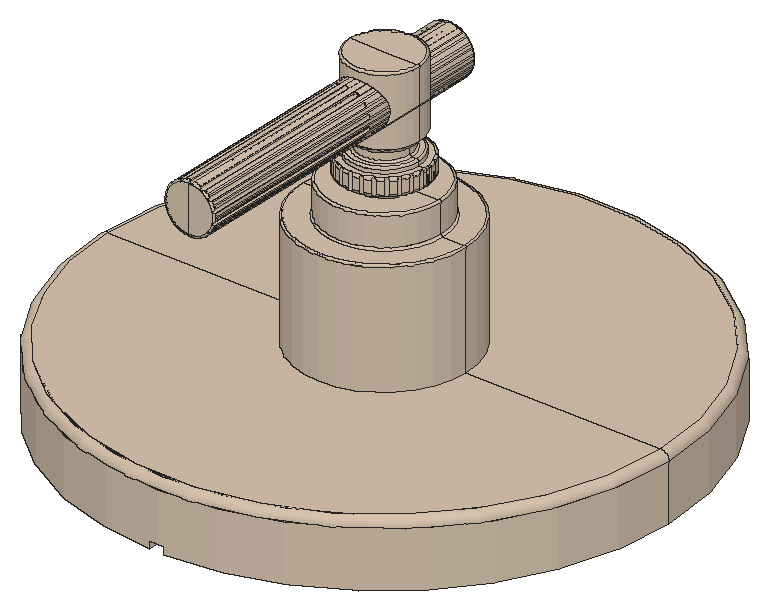
Revit family "Shower-Valve_Trim-KALLISTA-Central_Park_West-P21383", category Specialty Equipment, host Face, Revit 2021
Family settings
  Host = Face
  Round Connector Dimension = Use Diameter
  Part Type = Normal
  OmniClass Number = 23.31.25.00
  OmniClass Title = Toilet and Bath Specialties
  Cut with Voids When Loaded = No
  Shared = No
  Room Calculation Point = No
Parameters (values of type "BAF-Brushed French Gold")
  Width = 6 65/256"  # constant formula
  WaterSense Certified = 1 = 0  # no
  URL = "https://www.kallista.com/"
  Type = 1
  Product Page URL = "https://www.kallista.com/bathroom/showering/shower-trim/central-park-west-thermostatic-trim-lever-handle-p21383-lv-baf"
  Product Name = "CENTRAL PARK WEST"  # constant formula
  Product Documentation Link = "https://resources.kohler.com/interiors/kallista/pdf/1377368-4.pdf"
  Model = if(Type = 1, "P21383-LV-BAF", if(Type = 2, "P21383-LV-BV", if(Type = 3, "P21383-LV-BN", if(Type = 4, "P21383-LV-CP", if(Type = 5, "P21383-LV-SN", if(Type = 6, "P21383-LV-ULB", "NA"))))))  # "P21383-LV-BAF"
  Material = "Premium Metal Construction"  # constant formula
  Master Format 2014 Name = "Toilet, Bath, and Laundry Accessories"  # constant formula
  Master Format 2014 = "10 28 00"  # constant formula
  Manufacturer Address = "444 Highland Dr, Kohler, WI 53044"  # constant formula
  Manufacturer = "Kallista Co."  # constant formula
  Length = 3.55118"  # constant formula
  Height = 6.25197"  # constant formula
  Handle Clearance = 2.67717"  # constant formula
  Finish = Kallista-Metal-BAF-Brushed_French_Gold
  Environmental Product Declaration = ""
  Description = "THERMOSTATIC TRIM, LEVER HANDLE"  # constant formula
  Default Elevation = 42"
  Declare Label = ""
  Date Modified = "11/03/2022"  # constant formula
  Date Created = "11/03/2022"  # constant formula
  Copyright = "Copyright Kallista Co."  # constant formula
  Contact Us = "https://www.kallista.com/corporate/contact-us/"
  Assembly Code = "C1030200"
  ADA Compliant = 1 = 1  # yes
Types (7): name | Type | Product Page URL | Model | Finish
  (no name) | 1 | "https://www.kallista.com/bathroom/showering/shower-trim/central-park-west-thermostatic-trim-lever-handle-p21383-lv-baf" | "P21383-LV-BAF" | Kallista-Metal-BAF-Brushed_French_Gold
  BAF-Brushed French Gold | 1 | "https://www.kallista.com/bathroom/showering/shower-trim/central-park-west-thermostatic-trim-lever-handle-p21383-lv-baf" | "P21383-LV-BAF" | Kallista-Metal-BAF-Brushed_French_Gold
  BV-Brushed Bronze | 2 | "https://www.kallista.com/bathroom/showering/shower-trim/central-park-west-thermostatic-trim-lever-handle-p21383-lv-bv" | "P21383-LV-BV" | Kallista-Metal-BV-Brushed_Bronze
  BN-Brushed Nickel | 3 | "" | "P21383-LV-BN" | Kallista-Metal-BN-Brushed_Nickel
  CP-Chrome | 4 | "https://www.kallista.com/bathroom/showering/shower-trim/central-park-west-thermostatic-trim-lever-handle-p21383-lv-cp" | "P21383-LV-CP" | Kallista-Metal-CP-Chrome
  SN-Polished Nickel | 5 | "https://www.kallista.com/bathroom/showering/shower-trim/central-park-west-thermostatic-trim-lever-handle-p21383-lv-sn" | "P21383-LV-SN" | Kallista-Metal-SN-Polished_Nickel
  ULB-Unlaquered Brass | 6 | "https://www.kallista.com/bathroom/showering/shower-trim/central-park-west-thermostatic-trim-lever-handle-p21383-lv-ulb" | "P21383-LV-ULB" | Kallista-Metal-ULB-Unlaquered_Brass
Reference planes (in)
  plane 1 "Center (Front/Back)": y = 0
  plane 2: z = 0
  plane 3 "Center (Left/Right)": x = 0
  plane 4: y = 3.12598
  plane 5: y = -0.4252
  plane 6: x = 3.12598
  plane 7: x = 3.12598
  plane 8: x = 0.89999
  plane 9: x = -0.89999
  plane 10: z = 3.55118
  plane 11: z = 3.1756
  plane 12: y = 0.90551
  plane 13: y = -2.67717
  plane 14: y = -3.12598
  plane 15: x = -3.12792
Dimensions and locks (in)
  "Handle Clearance": plane 1 "Center (Front/Back)" to plane 13
  "Width": plane 15 to plane 7
  "Height": plane 14 to plane 4
  "Length": level to plane 10
  aligned and locked: plane 2 to host face
  aligned and locked: level to host face
Automatic sketch dimensions
  host sketch curve to host sketch curve = 96"  (x2)
Nested families (in)
  nested 1: "P21383" at (0, 0, 0), type "P21383"
Definition of nested family "P21383"
  Parameters (values of type "P21383")
    Material = none
    Default Elevation = 0"
  Reference planes (in)
    plane 1 "Center (Front/Back)": y = 0
    plane 2: z = 0
    plane 3 "Center (Left/Right)": x = 0
    plane 4: z = 3.55118
    plane 5: x = -0.89999
    plane 6: x = 0.89999
    plane 7: x = -3.12598
    plane 8: x = 3.12598
    plane 9: z = 1.9495
    plane 10: z = 0.70079
    plane 11: y = -2.67717
    plane 12: y = 0.90551
    plane 13: z = 3.45119
    plane 14: z = 2.90016
    plane 15: z = 3.1756
    plane 16: y = 3.12598
    plane 17: y = -3.12598
  Forms (in)
    Revolve 1, solid, material <- "Material", detail levels medium+fine
      sketch origin (0, 0, 0) x (1, 0, 0) y (0, 0, 1)
        loop
          line (0, 0) -> (3.125, 0) -> (3.125, 0.61087)
          arc (3.125, 0.61087) -> (3.09841, 0.67507) -> (3.03421, 0.70166) r 0.09079
          line (3.03421, 0.70166) -> (0.89996, 0.70166) -> (0.89996, 1.9297)
          arc (0.89996, 1.9297) -> (0.89416, 1.94372) -> (0.88014, 1.94952) r 0.01982
          line (0.88014, 1.94952) -> (0.64063, 1.94952)
          arc (0.64063, 1.94952) -> (0.62671, 1.95529) -> (0.62094, 1.96921) r 0.01969
          line (0.62094, 1.96921) -> (0.62094, 2.27952)
          arc (0.62094, 2.27952) -> (0.61517, 2.29344) -> (0.60125, 2.29921) r 0.01969
          line (0.60125, 2.29921) -> (0.31508, 2.29921) -> (0.28392, 2.3172) -> (0.35786, 2.3172)
          arc (0.35786, 2.3172) -> (0.37178, 2.32297) -> (0.37754, 2.33689) r 0.01969
          line (0.37754, 2.33689) -> (0.37754, 2.37761) -> (0.44212, 2.37761)
          arc (0.44212, 2.37761) -> (0.45604, 2.38337) -> (0.46181, 2.39729) r 0.01969
          line (0.46181, 2.39729) -> (0.46181, 2.53756)
          arc (0.46181, 2.53756) -> (0.45604, 2.55148) -> (0.44212, 2.55724) r 0.01969
          line (0.44212, 2.55724) -> (0.37623, 2.55724) -> (0.37623, 2.59773)
          arc (0.37623, 2.59773) -> (0.37009, 2.6118) -> (0.3559, 2.61741) r 0.01969
          line (0.3559, 2.61741) -> (0.29853, 2.61741)
          arc (0.29853, 2.61741) -> (0.28461, 2.62318) -> (0.27884, 2.63709) r 0.01969
          line (0.27884, 2.63709) -> (0.27884, 2.74457) -> (0.31763, 2.74457)
          arc (0.31763, 2.74457) -> (0.33155, 2.75034) -> (0.33731, 2.76426) r 0.01969
          line (0.33731, 2.76426) -> (0.33731, 2.80412) -> (0.38716, 2.80412) -> (0.38716, 3.53157)
          arc (0.38716, 3.53157) -> (0.38142, 3.54544) -> (0.36756, 3.55118) r 0.01961
          line (0.36756, 3.55118) -> (0, 3.55118) -> (0, 0)
        axis (0, 0) -> (0, 3.55118)
      angle from 0 to 360
    Extrusion 2, void
      sketch origin (-0.00032, -0.00306, 0) x (0.104528, 0.994522, 0) y (-0.994522, 0.104528, 0)
        loop
          arc (0.46308, 0.06909) -> (0.44472, 0.04642) -> (0.46739, 0.02806) r 0.02063
          line (0.46739, 0.02806) -> (0.50272, 0.03177) -> (0.4984, 0.07281) -> (0.46308, 0.06909)
      from 2.29921 to 2.61741
    Extrusion 3, void
      sketch origin (0, 0, 0) x (1, 0, 0) y (0, 0, 1)
        loop
          line (-0.08, 0) -> (0.07937, 0) -> (0.07937, 0.08012) -> (-0.08, 0.08012) -> (-0.08, 0)
      from 2.95502 to 3.28853
    Revolve 4, solid, material <- "Material", detail levels medium+fine
      sketch origin (0, 0, 0) x (0, 1, 0) y (0, 0, 1)
        loop
          line (-2.67717, 3.1756) -> (0.90551, 3.1756) -> (0.90551, 3.4315)
          arc (0.90551, 3.4315) -> (0.89975, 3.44542) -> (0.88583, 3.45119) r 0.01969
          line (0.88583, 3.45119) -> (-2.65748, 3.45119)
          arc (-2.65748, 3.45119) -> (-2.6714, 3.44542) -> (-2.67717, 3.4315) r 0.01969
          line (-2.67717, 3.4315) -> (-2.67717, 3.1756)
        axis (-2.67717, 3.1756) -> (0.90551, 3.1756)
      angle from 0 to 360
    Extrusion 5, void
      sketch origin (-0.0123, 0, 0) x (1, 0, 0) y (0, 0, 1)
        loop
          circle (-0.27485, 3.1756) r 0.02021
      from 0.5345 to 2.7095
    Extrusion 6, void
      sketch origin (-1.29163, 0, 0.27454) x (0.913545, 0, -0.406737) y (0.406737, 0, 0.913545)
        loop
          circle (-0.27485, 3.1756) r 0.02021
      from 0.5345 to 2.7095
    Extrusion 7, void
      sketch origin (-1.29163, 0, 6.07665) x (0.913545, 0, 0.406737) y (-0.406737, 0, 0.913545)
        loop
          circle (-0.27485, -3.1756) r 0.02021
      from 0.5345 to 2.7095
    Extrusion 8, void
      sketch origin (0, 0, 0) x (1, 0, 0) y (0, 0, 1)
        loop
          circle (-0.18706, 3.38324) r 0.02043
      from 0.5345 to 2.80238
    Extrusion 9, void
      sketch origin (-1.29163, 0, 0.27454) x (0.913545, 0, -0.406737) y (0.406737, 0, 0.913545)
        loop
          circle (-0.18706, 3.38324) r 0.02043
      from 0.5345 to 2.7095
    Extrusion 10, void
      sketch origin (-2.35993, 0, 1.05071) x (0.669131, 0, -0.743145) y (0.743145, 0, 0.669131)
        loop
          circle (-0.18706, 3.38324) r 0.02043
      from 0.5345 to 2.95502
    Extrusion 11, void
      sketch origin (-3.02017, 0, 2.19428) x (0.309017, 0, -0.951057) y (0.951057, 0, 0.309017)
        loop
          circle (-0.18706, 3.38324) r 0.02043
      from 0.5345 to 2.95502
    Extrusion 12, void
      sketch origin (-3.1582, 0, 3.50754) x (-0.104528, 0, -0.994522) y (0.994522, 0, -0.104528)
        loop
          circle (-0.18706, 3.38324) r 0.02043
      from 0.5345 to 2.7095
    Extrusion 13, void
      sketch origin (-2.75015, 0, 4.7634) x (-0.5, 0, -0.866025) y (0.866025, 0, -0.5)
        loop
          circle (-0.18706, 3.38324) r 0.02043
      from 0.5345 to 2.7095
    Extrusion 14, void
      sketch origin (-2.35993, 0, 5.30049) x (0.669131, 0, 0.743145) y (-0.743145, 0, 0.669131)
        loop
          circle (-0.18706, -3.38324) r 0.02043
      from 0.5345 to 3.14759
    Extrusion 15, void
      sketch origin (-3.02017, 0, 4.15691) x (0.309017, 0, 0.951057) y (-0.951057, 0, 0.309017)
        loop
          circle (-0.18706, -3.38324) r 0.02043
      from 0.5345 to 2.7095
    Extrusion 16, void
      sketch origin (-3.1582, 0, 2.84366) x (-0.104528, 0, 0.994522) y (-0.994522, 0, -0.104528)
        loop
          circle (-0.18706, -3.38324) r 0.02043
      from 0.5345 to 2.7095
    Extrusion 17, void
      sketch origin (-2.75015, 0, 1.5878) x (-0.5, 0, 0.866025) y (-0.866025, 0, -0.5)
        loop
          circle (-0.18706, -3.38324) r 0.02043
      from 0.5345 to 2.7095
    Extrusion 18, void
      sketch origin (-1.29163, 0, 6.07665) x (0.913545, 0, 0.406737) y (-0.406737, 0, 0.913545)
        loop
          circle (-0.18706, -3.38324) r 0.02043
      from 0.5345 to 2.95502
    Extrusion 19, void
      sketch origin (0, 0, 6.3512) x (1, 0, 0) y (0, 0, 1)
        loop
          circle (-0.18706, -3.38324) r 0.02043
      from 0.5345 to 2.95502
    Revolve 20, solid, material <- "Material", detail levels medium+fine
      sketch origin (0, 0, 0) x (0, 1, 0) y (0, 0, -1)
        loop
          line (-2.67717, -3.1756) -> (-2.67717, -3.4315)
          arc (-2.67717, -3.4315) -> (-2.6714, -3.44542) -> (-2.65748, -3.45119) r 0.01969
          line (-2.65748, -3.45119) -> (0.88583, -3.45119)
          arc (0.88583, -3.45119) -> (0.89975, -3.44542) -> (0.90551, -3.4315) r 0.01969
          line (0.90551, -3.4315) -> (0.90551, -3.1756) -> (-2.67717, -3.1756)
        axis (-2.67717, -3.1756) -> (0.90551, -3.1756)
      angle from 0 to 360
    Revolve 21, solid, material <- "Material", detail levels coarse
      sketch origin (0, 0, -0.00023) x (1, 0, 0) y (0, 0, 1)
        loop
          line (0, 0) -> (0, 3.55118) -> (-0.38767, 3.55118) -> (-0.38767, 2.80217) -> (-0.33857, 2.80217) -> (-0.33857, 2.74513) -> (-0.27856, 2.74513) -> (-0.27856, 2.6178) -> (-0.37623, 2.6178) -> (-0.37623, 2.55724) -> (-0.4621, 2.55724) -> (-0.4621, 2.37687) -> (-0.3781, 2.37687) -> (-0.3781, 2.3172) -> (-0.28352, 2.3172) -> (-0.31585, 2.29854) -> (-0.62061, 2.29854) -> (-0.62061, 1.94974) -> (-0.90008, 1.94974) -> (-0.90008, 0.70079) -> (-3.125, 0.70079) -> (-3.125, 0) -> (0, 0)
        axis (0, 3.55118) -> (0, 0)
      angle from 0 to 360
    Extrusion 22, solid, material <- "Material", detail levels coarse
      sketch origin (0, 0, 0) x (1, 0, 0) y (0, 0, 1)
        loop
          circle (0, 3.1756) r 0.27559
      from -0.90789 to 2.67717
    Extrusion 23, void
      sketch origin (0.00249, -0.00127, 0) x (-0.809017, -0.587785, 0) y (0.587785, -0.809017, 0)
        loop
          circle (0.45958, 0.04839) r 0.02022
      from 2.29921 to 2.61741
    Extrusion 24, void
      sketch origin (-0.00104, -0.00289, 0) x (0.339395, 0.940644, 0) y (-0.940644, 0.339395, 0)
        loop
          arc (0.46308, 0.06909) -> (0.44472, 0.04642) -> (0.46739, 0.02806) r 0.02063
          line (0.46739, 0.02806) -> (0.50272, 0.03177) -> (0.4984, 0.07281) -> (0.46308, 0.06909)
      from 2.29921 to 2.61741
    Extrusion 25, void
      sketch origin (-0.00171, -0.00256, 0) x (0.554554, 0.832148, 0) y (-0.832148, 0.554554, 0)
        loop
          arc (0.46308, 0.06909) -> (0.44472, 0.04642) -> (0.46739, 0.02806) r 0.02063
          line (0.46739, 0.02806) -> (0.50272, 0.03177) -> (0.4984, 0.07281) -> (0.46308, 0.06909)
      from 2.29921 to 2.61741
    Extrusion 26, void
      sketch origin (-0.00227, -0.00208, 0) x (0.737513, 0.675333, 0) y (-0.675333, 0.737513, 0)
        loop
          arc (0.46308, 0.06909) -> (0.44472, 0.04642) -> (0.46739, 0.02806) r 0.02063
          line (0.46739, 0.02806) -> (0.50272, 0.03177) -> (0.4984, 0.07281) -> (0.46308, 0.06909)
      from 2.29921 to 2.61741
    Extrusion 27, void
      sketch origin (-0.0027, -0.00147, 0) x (0.877649, 0.479305, 0) y (-0.479305, 0.877649, 0)
        loop
          arc (0.46308, 0.06909) -> (0.44472, 0.04642) -> (0.46739, 0.02806) r 0.02063
          line (0.46739, 0.02806) -> (0.50272, 0.03177) -> (0.4984, 0.07281) -> (0.46308, 0.06909)
      from 2.29921 to 2.61741
    Extrusion 28, void
      sketch origin (-0.00297, -0.00079, 0) x (0.966823, 0.255446, 0) y (-0.255446, 0.966823, 0)
        loop
          arc (0.46308, 0.06909) -> (0.44472, 0.04642) -> (0.46739, 0.02806) r 0.02063
          line (0.46739, 0.02806) -> (0.50272, 0.03177) -> (0.4984, 0.07281) -> (0.46308, 0.06909)
      from 2.29921 to 2.61741
    Extrusion 29, void
      sketch origin (-0.00308, -0.00005, 0) x (0.99986, 0.016754, 0) y (-0.016754, 0.99986, 0)
        loop
          arc (0.46308, 0.06909) -> (0.44472, 0.04642) -> (0.46739, 0.02806) r 0.02063
          line (0.46739, 0.02806) -> (0.50272, 0.03177) -> (0.4984, 0.07281) -> (0.46308, 0.06909)
      from 2.29921 to 2.61741
    Extrusion 30, void
      sketch origin (-0.003, 0.00069, 0) x (0.974839, -0.22291, 0) y (0.22291, 0.974839, 0)
        loop
          arc (0.46308, 0.06909) -> (0.44472, 0.04642) -> (0.46739, 0.02806) r 0.02063
          line (0.46739, 0.02806) -> (0.50272, 0.03177) -> (0.4984, 0.07281) -> (0.46308, 0.06909)
      from 2.29921 to 2.61741
    Extrusion 31, void
      sketch origin (-0.00275, 0.00138, 0) x (0.893214, -0.449631, 0) y (0.449631, 0.893214, 0)
        loop
          arc (0.46308, 0.06909) -> (0.44472, 0.04642) -> (0.46739, 0.02806) r 0.02063
          line (0.46739, 0.02806) -> (0.50272, 0.03177) -> (0.4984, 0.07281) -> (0.46308, 0.06909)
      from 2.29921 to 2.61741
    Extrusion 32, void
      sketch origin (-0.00234, 0.002, 0) x (0.759725, -0.650244, 0) y (0.650244, 0.759725, 0)
        loop
          arc (0.46308, 0.06909) -> (0.44472, 0.04642) -> (0.46739, 0.02806) r 0.02063
          line (0.46739, 0.02806) -> (0.50272, 0.03177) -> (0.4984, 0.07281) -> (0.46308, 0.06909)
      from 2.29921 to 2.61741
    Extrusion 33, void
      sketch origin (-0.00179, 0.0025, 0) x (0.582123, -0.813101, 0) y (0.813101, 0.582123, 0)
        loop
          arc (0.46308, 0.06909) -> (0.44472, 0.04642) -> (0.46739, 0.02806) r 0.02063
          line (0.46739, 0.02806) -> (0.50272, 0.03177) -> (0.4984, 0.07281) -> (0.46308, 0.06909)
      from 2.29921 to 2.61741
    Extrusion 34, void
      sketch origin (-0.00114, 0.00286, 0) x (0.37072, -0.928745, 0) y (0.928745, 0.37072, 0)
        loop
          arc (0.46308, 0.06909) -> (0.44472, 0.04642) -> (0.46739, 0.02806) r 0.02063
          line (0.46739, 0.02806) -> (0.50272, 0.03177) -> (0.4984, 0.07281) -> (0.46308, 0.06909)
      from 2.29921 to 2.61741
    Extrusion 35, void
      sketch origin (-0.00042, 0.00305, 0) x (0.13779, -0.990461, 0) y (0.990461, 0.13779, 0)
        loop
          arc (0.46308, 0.06909) -> (0.44472, 0.04642) -> (0.46739, 0.02806) r 0.02063
          line (0.46739, 0.02806) -> (0.50272, 0.03177) -> (0.4984, 0.07281) -> (0.46308, 0.06909)
      from 2.29921 to 2.61741
    Extrusion 36, void
      sketch origin (0.00032, 0.00306, 0) x (-0.10314, -0.994667, 0) y (0.994667, -0.10314, 0)
        loop
          arc (0.46308, 0.06909) -> (0.44472, 0.04642) -> (0.46739, 0.02806) r 0.02063
          line (0.46739, 0.02806) -> (0.50272, 0.03177) -> (0.4984, 0.07281) -> (0.46308, 0.06909)
      from 2.29921 to 2.61741
    Extrusion 37, void
      sketch origin (0.00104, 0.00289, 0) x (-0.338081, -0.941117, 0) y (0.941117, -0.338081, 0)
        loop
          arc (0.46308, 0.06909) -> (0.44472, 0.04642) -> (0.46739, 0.02806) r 0.02063
          line (0.46739, 0.02806) -> (0.50272, 0.03177) -> (0.4984, 0.07281) -> (0.46308, 0.06909)
      from 2.29921 to 2.61741
    Extrusion 38, void
      sketch origin (0.0017, 0.00256, 0) x (-0.553392, -0.832921, 0) y (0.832921, -0.553392, 0)
        loop
          arc (0.46308, 0.06909) -> (0.44472, 0.04642) -> (0.46739, 0.02806) r 0.02063
          line (0.46739, 0.02806) -> (0.50272, 0.03177) -> (0.4984, 0.07281) -> (0.46308, 0.06909)
      from 2.29921 to 2.61741
    Extrusion 39, void
      sketch origin (0.00227, 0.00208, 0) x (-0.736569, -0.676362, 0) y (0.676362, -0.736569, 0)
        loop
          arc (0.46308, 0.06909) -> (0.44472, 0.04642) -> (0.46739, 0.02806) r 0.02063
          line (0.46739, 0.02806) -> (0.50272, 0.03177) -> (0.4984, 0.07281) -> (0.46308, 0.06909)
      from 2.29921 to 2.61741
    Extrusion 40, void
      sketch origin (0.0027, 0.00148, 0) x (-0.876978, -0.48053, 0) y (0.48053, -0.876978, 0)
        loop
          arc (0.46308, 0.06909) -> (0.44472, 0.04642) -> (0.46739, 0.02806) r 0.02063
          line (0.46739, 0.02806) -> (0.50272, 0.03177) -> (0.4984, 0.07281) -> (0.46308, 0.06909)
      from 2.29921 to 2.61741
    Extrusion 41, void
      sketch origin (0.00297, 0.00079, 0) x (-0.966466, -0.256795, 0) y (0.256795, -0.966466, 0)
        loop
          arc (0.46308, 0.06909) -> (0.44472, 0.04642) -> (0.46739, 0.02806) r 0.02063
          line (0.46739, 0.02806) -> (0.50272, 0.03177) -> (0.4984, 0.07281) -> (0.46308, 0.06909)
      from 2.29921 to 2.61741
    Extrusion 42, void
      sketch origin (0.00308, 0.00006, 0) x (-0.999835, -0.01815, 0) y (0.01815, -0.999835, 0)
        loop
          arc (0.46308, 0.06909) -> (0.44472, 0.04642) -> (0.46739, 0.02806) r 0.02063
          line (0.46739, 0.02806) -> (0.50272, 0.03177) -> (0.4984, 0.07281) -> (0.46308, 0.06909)
      from 2.29921 to 2.61741
    Extrusion 43, void
      sketch origin (0.003, -0.00068, 0) x (-0.975149, 0.221548, 0) y (-0.221548, -0.975149, 0)
        loop
          arc (0.46308, 0.06909) -> (0.44472, 0.04642) -> (0.46739, 0.02806) r 0.02063
          line (0.46739, 0.02806) -> (0.50272, 0.03177) -> (0.4984, 0.07281) -> (0.46308, 0.06909)
      from 2.29921 to 2.61741
    Extrusion 44, void
      sketch origin (0.00275, -0.00138, 0) x (-0.893841, 0.448383, 0) y (-0.448383, -0.893841, 0)
        loop
          arc (0.46308, 0.06909) -> (0.44472, 0.04642) -> (0.46739, 0.02806) r 0.02063
          line (0.46739, 0.02806) -> (0.50272, 0.03177) -> (0.4984, 0.07281) -> (0.46308, 0.06909)
      from 2.29921 to 2.61741
    Extrusion 45, void
      sketch origin (0.00234, -0.002, 0) x (-0.760633, 0.649183, 0) y (-0.649183, -0.760633, 0)
        loop
          arc (0.46308, 0.06909) -> (0.44472, 0.04642) -> (0.46739, 0.02806) r 0.02063
          line (0.46739, 0.02806) -> (0.50272, 0.03177) -> (0.4984, 0.07281) -> (0.46308, 0.06909)
      from 2.29921 to 2.61741
    Extrusion 46, void
      sketch origin (0.00179, -0.0025, 0) x (-0.583258, 0.812287, 0) y (-0.812287, -0.583258, 0)
        loop
          arc (0.46308, 0.06909) -> (0.44472, 0.04642) -> (0.46739, 0.02806) r 0.02063
          line (0.46739, 0.02806) -> (0.50272, 0.03177) -> (0.4984, 0.07281) -> (0.46308, 0.06909)
      from 2.29921 to 2.61741
    Extrusion 47, void
      sketch origin (0.00114, -0.00286, 0) x (-0.372016, 0.928226, 0) y (-0.928226, -0.372016, 0)
        loop
          arc (0.46308, 0.06909) -> (0.44472, 0.04642) -> (0.46739, 0.02806) r 0.02063
          line (0.46739, 0.02806) -> (0.50272, 0.03177) -> (0.4984, 0.07281) -> (0.46308, 0.06909)
      from 2.29921 to 2.61741
    Extrusion 48, void
      sketch origin (0.00043, -0.00305, 0) x (-0.139173, 0.990268, 0) y (-0.990268, -0.139173, 0)
        loop
          arc (0.46308, 0.06909) -> (0.44472, 0.04642) -> (0.46739, 0.02806) r 0.02063
          line (0.46739, 0.02806) -> (0.50272, 0.03177) -> (0.4984, 0.07281) -> (0.46308, 0.06909)
      from 2.29921 to 2.61741
  Cuts and joins
    Extrusion 2, Extrusion 3, Extrusion 5, Extrusion 6, Extrusion 7, Extrusion 8, Extrusion 9, Extrusion 10, Extrusion 11, Extrusion 12, Extrusion 13, Extrusion 14, Extrusion 15, Extrusion 16, Extrusion 17, Extrusion 18, Extrusion 19, Extrusion 24, Extrusion 25, Extrusion 26, Extrusion 27, Extrusion 28, Extrusion 29, Extrusion 30, Extrusion 31, Extrusion 32, Extrusion 33, Extrusion 34, Extrusion 35, Extrusion 36, Extrusion 37, Extrusion 38, Extrusion 39, Extrusion 40, Extrusion 41, Extrusion 42, Extrusion 43, Extrusion 44, Extrusion 45, Extrusion 46, Extrusion 47, Extrusion 48 cuts Revolve 1
    Extrusion 5, Extrusion 6, Extrusion 7, Extrusion 8, Extrusion 9, Extrusion 10, Extrusion 11, Extrusion 12, Extrusion 13, Extrusion 14, Extrusion 15, Extrusion 16, Extrusion 17, Extrusion 18, Extrusion 19, Extrusion 24, Extrusion 25, Extrusion 26, Extrusion 27, Extrusion 28, Extrusion 29, Extrusion 30, Extrusion 31, Extrusion 32, Extrusion 33, Extrusion 34, Extrusion 35, Extrusion 36, Extrusion 37, Extrusion 38, Extrusion 39, Extrusion 40, Extrusion 41, Extrusion 42, Extrusion 43, Extrusion 44, Extrusion 45, Extrusion 46, Extrusion 47, Extrusion 48 cuts Revolve 4
    joined: Revolve 1, Revolve 4
    Extrusion 5, Extrusion 6, Extrusion 7, Extrusion 8, Extrusion 9, Extrusion 10, Extrusion 11, Extrusion 12, Extrusion 13, Extrusion 14, Extrusion 15, Extrusion 16, Extrusion 17, Extrusion 18, Extrusion 19 cuts Revolve 20
    Extrusion 23, Extrusion 24, Extrusion 25, Extrusion 26, Extrusion 27, Extrusion 28, Extrusion 29, Extrusion 30, Extrusion 31, Extrusion 32, Extrusion 33, Extrusion 34, Extrusion 35, Extrusion 36, Extrusion 38, Extrusion 41, Extrusion 42, Extrusion 43, Extrusion 44, Extrusion 45, Extrusion 46, Extrusion 47, Extrusion 48 cuts Revolve 21
  Lines and regions (in)
    Masking region 1
      outline origin (0, 0, 0) x (1, 0, 0) y (0, 0, 1)
        loop
          line (0, 0) -> (3.12598, 0) -> (3.12598, 0.60999)
          arc (3.12598, 0.60999) -> (3.09939, 0.67419) -> (3.03519, 0.70079) r 0.09079
          line (3.03519, 0.70079) -> (0.89996, 0.70079) -> (0.89996, 1.92968)
          arc (0.89996, 1.92968) -> (0.89416, 1.9437) -> (0.88014, 1.9495) r 0.01982
          line (0.88014, 1.9495) -> (0.64063, 1.9495)
          arc (0.64063, 1.9495) -> (0.62671, 1.95527) -> (0.62094, 1.96919) r 0.01969
          line (0.62094, 1.96919) -> (0.62094, 2.27952)
          arc (0.62094, 2.27952) -> (0.61517, 2.29344) -> (0.60125, 2.29921) r 0.01969
          line (0.60125, 2.29921) -> (0.31508, 2.29921) -> (0.28392, 2.3172) -> (0.35786, 2.3172)
          arc (0.35786, 2.3172) -> (0.37178, 2.32297) -> (0.37754, 2.33689) r 0.01969
          line (0.37754, 2.33689) -> (0.37754, 2.37761) -> (0.44212, 2.37761)
          arc (0.44212, 2.37761) -> (0.45604, 2.38337) -> (0.46181, 2.39729) r 0.01969
          line (0.46181, 2.39729) -> (0.46181, 2.53756)
          arc (0.46181, 2.53756) -> (0.45604, 2.55148) -> (0.44212, 2.55724) r 0.01969
          line (0.44212, 2.55724) -> (0.37623, 2.55724) -> (0.37623, 2.59773)
          arc (0.37623, 2.59773) -> (0.37009, 2.6118) -> (0.3559, 2.61741) r 0.01969
          line (0.3559, 2.61741) -> (0.29853, 2.61741)
          arc (0.29853, 2.61741) -> (0.28461, 2.62318) -> (0.27884, 2.63709) r 0.01969
          line (0.27884, 2.63709) -> (0.27884, 2.74457) -> (0.31763, 2.74457)
          arc (0.31763, 2.74457) -> (0.33155, 2.75034) -> (0.33731, 2.76426) r 0.01969
          line (0.33731, 2.76426) -> (0.33731, 2.80412) -> (0.38716, 2.80412) -> (0.38716, 3.53157)
          arc (0.38716, 3.53157) -> (0.38142, 3.54544) -> (0.36756, 3.55118) r 0.01961
          line (0.36756, 3.55118) -> (0, 3.55118) -> (-0.36756, 3.55118)
          arc (-0.36756, 3.55118) -> (-0.38142, 3.54544) -> (-0.38716, 3.53157) r 0.01961
          line (-0.38716, 3.53157) -> (-0.38716, 2.80412) -> (-0.33731, 2.80412) -> (-0.33731, 2.76426)
          arc (-0.33731, 2.76426) -> (-0.33155, 2.75034) -> (-0.31763, 2.74457) r 0.01969
          line (-0.31763, 2.74457) -> (-0.27884, 2.74457) -> (-0.27884, 2.63709)
          arc (-0.27884, 2.63709) -> (-0.28461, 2.62318) -> (-0.29853, 2.61741) r 0.01969
          line (-0.29853, 2.61741) -> (-0.3559, 2.61741)
          arc (-0.3559, 2.61741) -> (-0.37009, 2.6118) -> (-0.376, 2.59773) r 0.01969
          line (-0.376, 2.59773) -> (-0.37623, 2.55724) -> (-0.44212, 2.55724)
          arc (-0.44212, 2.55724) -> (-0.45604, 2.55148) -> (-0.46181, 2.53756) r 0.01969
          line (-0.46181, 2.53756) -> (-0.46181, 2.39729)
          arc (-0.46181, 2.39729) -> (-0.45604, 2.38337) -> (-0.44212, 2.37761) r 0.01969
          line (-0.44212, 2.37761) -> (-0.37754, 2.37761) -> (-0.37754, 2.33689)
          arc (-0.37754, 2.33689) -> (-0.37178, 2.32297) -> (-0.35786, 2.3172) r 0.01969
          line (-0.35786, 2.3172) -> (-0.28392, 2.3172) -> (-0.31508, 2.29921) -> (-0.60125, 2.29921)
          arc (-0.60125, 2.29921) -> (-0.61517, 2.29344) -> (-0.62094, 2.27952) r 0.01969
          line (-0.62094, 2.27952) -> (-0.62094, 1.96919)
          arc (-0.62094, 1.96919) -> (-0.62671, 1.95527) -> (-0.64063, 1.9495) r 0.01969
          line (-0.64063, 1.9495) -> (-0.88014, 1.9495)
          arc (-0.88014, 1.9495) -> (-0.89416, 1.9437) -> (-0.89996, 1.92968) r 0.01982
          line (-0.89996, 1.92968) -> (-0.89996, 0.70079) -> (-3.03519, 0.70079)
          arc (-3.03519, 0.70079) -> (-3.09939, 0.67419) -> (-3.12598, 0.60999) r 0.09079
          line (-3.12598, 0.60999) -> (-3.12598, 0) -> (0, 0)
    Masking region 2
      outline origin (0, 0, 0) x (0, 1, 0) y (0, 0, 1)
        loop
          line (0, 0) -> (3.12598, 0) -> (3.12598, 0.60999)
          arc (3.12598, 0.60999) -> (3.09939, 0.67419) -> (3.03519, 0.70079) r 0.09079
          line (3.03519, 0.70079) -> (0.89996, 0.70079) -> (0.89996, 1.92968)
          arc (0.89996, 1.92968) -> (0.89416, 1.9437) -> (0.88014, 1.9495) r 0.01982
          line (0.88014, 1.9495) -> (0.64063, 1.9495)
          arc (0.64063, 1.9495) -> (0.62671, 1.95527) -> (0.62094, 1.96919) r 0.01969
          line (0.62094, 1.96919) -> (0.62094, 2.27736)
          arc (0.62094, 2.27736) -> (0.61517, 2.29128) -> (0.60125, 2.29704) r 0.01969
          line (0.60125, 2.29704) -> (0.31508, 2.29704) -> (0.28392, 2.31504) -> (0.35786, 2.31504)
          arc (0.35786, 2.31504) -> (0.37178, 2.3208) -> (0.37754, 2.33472) r 0.01969
          line (0.37754, 2.33472) -> (0.37754, 2.37544) -> (0.44212, 2.37544)
          arc (0.44212, 2.37544) -> (0.45604, 2.38121) -> (0.46181, 2.39513) r 0.01969
          line (0.46181, 2.39513) -> (0.46181, 2.53539)
          arc (0.46181, 2.53539) -> (0.45604, 2.54931) -> (0.44212, 2.55508) r 0.01969
          line (0.44212, 2.55508) -> (0.37623, 2.55508) -> (0.37623, 2.59556)
          arc (0.37623, 2.59556) -> (0.37009, 2.60963) -> (0.3559, 2.61524) r 0.01969
          line (0.3559, 2.61524) -> (0.29853, 2.61524)
          arc (0.29853, 2.61524) -> (0.28461, 2.62101) -> (0.27884, 2.63493) r 0.01969
          line (0.27884, 2.63493) -> (0.27884, 2.74241) -> (0.31763, 2.74241)
          arc (0.31763, 2.74241) -> (0.33155, 2.74817) -> (0.33731, 2.76209) r 0.01969
          line (0.33731, 2.76209) -> (0.33731, 2.80195) -> (0.38716, 2.80195) -> (0.38716, 2.90016) -> (0.88583, 2.90016)
          arc (0.88583, 2.90016) -> (0.89975, 2.90593) -> (0.90551, 2.91985) r 0.01969
          line (0.90551, 2.91985) -> (0.90551, 3.1756) -> (0.90551, 3.4315)
          arc (0.90551, 3.4315) -> (0.89975, 3.44542) -> (0.88583, 3.45119) r 0.01969
          line (0.88583, 3.45119) -> (0.38716, 3.45119) -> (0.38716, 3.53157)
          arc (0.38716, 3.53157) -> (0.38142, 3.54544) -> (0.36756, 3.55118) r 0.01961
          line (0.36756, 3.55118) -> (0, 3.55118) -> (-0.36756, 3.55118)
          arc (-0.36756, 3.55118) -> (-0.38142, 3.54544) -> (-0.38716, 3.53157) r 0.01961
          line (-0.38716, 3.53157) -> (-0.38716, 3.45119) -> (-2.65748, 3.45119)
          arc (-2.65748, 3.45119) -> (-2.6714, 3.44542) -> (-2.67717, 3.4315) r 0.01969
          line (-2.67717, 3.4315) -> (-2.67717, 3.1756) -> (-2.67717, 2.91985)
          arc (-2.67717, 2.91985) -> (-2.6714, 2.90593) -> (-2.65748, 2.90016) r 0.01969
          line (-2.65748, 2.90016) -> (-0.38716, 2.90016) -> (-0.38716, 2.80195) -> (-0.33731, 2.80195) -> (-0.33731, 2.76209)
          arc (-0.33731, 2.76209) -> (-0.33155, 2.74817) -> (-0.31763, 2.74241) r 0.01969
          line (-0.31763, 2.74241) -> (-0.27884, 2.74241) -> (-0.27884, 2.63493)
          arc (-0.27884, 2.63493) -> (-0.28461, 2.62101) -> (-0.29853, 2.61524) r 0.01969
          line (-0.29853, 2.61524) -> (-0.3559, 2.61524)
          arc (-0.3559, 2.61524) -> (-0.37009, 2.60963) -> (-0.376, 2.59556) r 0.01969
          line (-0.376, 2.59556) -> (-0.37623, 2.55508) -> (-0.44212, 2.55508)
          arc (-0.44212, 2.55508) -> (-0.45604, 2.54931) -> (-0.46181, 2.53539) r 0.01969
          line (-0.46181, 2.53539) -> (-0.46181, 2.39513)
          arc (-0.46181, 2.39513) -> (-0.45604, 2.38121) -> (-0.44212, 2.37544) r 0.01969
          line (-0.44212, 2.37544) -> (-0.37754, 2.37544) -> (-0.37754, 2.33472)
          arc (-0.37754, 2.33472) -> (-0.37178, 2.3208) -> (-0.35786, 2.31504) r 0.01969
          line (-0.35786, 2.31504) -> (-0.28392, 2.31504) -> (-0.31508, 2.29704) -> (-0.60125, 2.29704)
          arc (-0.60125, 2.29704) -> (-0.61517, 2.29128) -> (-0.62094, 2.27736) r 0.01969
          line (-0.62094, 2.27736) -> (-0.62094, 1.96919)
          arc (-0.62094, 1.96919) -> (-0.62671, 1.95527) -> (-0.64063, 1.9495) r 0.01969
          line (-0.64063, 1.9495) -> (-0.88014, 1.9495)
          arc (-0.88014, 1.9495) -> (-0.89416, 1.9437) -> (-0.89996, 1.92968) r 0.01982
          line (-0.89996, 1.92968) -> (-0.89996, 0.70079) -> (-3.03519, 0.70079)
          arc (-3.03519, 0.70079) -> (-3.09939, 0.67419) -> (-3.12598, 0.60999) r 0.09079
          line (-3.12598, 0.60999) -> (-3.12598, 0) -> (0, 0)
    Masking region 3
      outline origin (0, 0, 0) x (1, 0, 0) y (0, 1, 0)
        loop
          circle (0, 0) r 3.125
    symbolic lines, detail levels medium+fine
      curve 1: arc (0, 0, 3.45119) -> (-0.27559, 0, 3.1756) -> (0, 0, 2.90001) r 0.27559
      curve 2: line (0.38716, 0, 2.80412) -> (-0.38716, 0, 2.80412)
      curve 3: line (0.31763, 0, 2.74457) -> (-0.31763, 0, 2.74457)
      curve 4: line (0.3559, 0, 2.61741) -> (-0.3559, 0, 2.61741)
      curve 5: line (0.44212, 0, 2.55724) -> (-0.44212, 0, 2.55724)
      curve 6: line (0.44212, 0, 2.37761) -> (-0.44212, 0, 2.37761)
      curve 7: line (-0.315, 0, 2.3172) -> (0.315, 0, 2.3172)
      curve 8: line (0.60125, 0, 2.29921) -> (-0.60125, 0, 2.29921)
      curve 9: line (0.89996, 0, 0.70166) -> (-0.90716, 0, 0.70166)
      curve 10: line (-0.64063, 0, 1.94952) -> (0.63889, 0, 1.94952)
      curve 11: line (-0.42963, 0, 2.37761) -> (-0.42963, 0, 2.55724)
      curve 12: line (-0.41332, 0, 2.55724) -> (-0.41332, 0, 2.37761)
      curve 13: line (-0.35657, 0, 2.37761) -> (-0.35657, 0, 2.55724)
      curve 14: line (-0.32971, 0, 2.55724) -> (-0.32971, 0, 2.37761)
      curve 15: line (-0.28776, 0, 2.37761) -> (-0.28776, 0, 2.55724)
      curve 16: line (-0.25527, 0, 2.55724) -> (-0.25527, 0, 2.37761)
      curve 17: line (-0.20638, 0, 2.37761) -> (-0.20638, 0, 2.55724)
      curve 18: line (-0.16968, 0, 2.55724) -> (-0.16968, 0, 2.37761)
      curve 19: line (-0.11597, 0, 2.37761) -> (-0.11597, 0, 2.55724)
      curve 20: line (-0.07667, 0, 2.55724) -> (-0.07667, 0, 2.37761)
      curve 21: line (-0.0205, 0, 2.37761) -> (-0.0205, 0, 2.55724)
      curve 22: line (0.42963, 0, 2.37761) -> (0.42963, 0, 2.55724)
      curve 23: line (0.41332, 0, 2.55724) -> (0.41332, 0, 2.37761)
      curve 24: line (0.35657, 0, 2.37761) -> (0.35657, 0, 2.55724)
      curve 25: line (0.32971, 0, 2.55724) -> (0.32971, 0, 2.37761)
      curve 26: line (0.28776, 0, 2.37761) -> (0.28776, 0, 2.55724)
      curve 27: line (0.25527, 0, 2.55724) -> (0.25527, 0, 2.37761)
      curve 28: line (0.20638, 0, 2.37761) -> (0.20638, 0, 2.55724)
      curve 29: line (0.16968, 0, 2.55724) -> (0.16968, 0, 2.37761)
      curve 30: line (0.11597, 0, 2.37761) -> (0.11597, 0, 2.55724)
      curve 31: line (0.07667, 0, 2.55724) -> (0.07667, 0, 2.37761)
      curve 32: line (0.0205, 0, 2.37761) -> (0.0205, 0, 2.55724)
      curve 33: line (-0.62094, 0, 2.27952) -> (0.62094, 0, 2.27952)
      curve 34: line (-0.62094, 0, 1.96921) -> (0.62094, 0, 1.96921)
      curve 35: line (-0.89996, 0, 1.9297) -> (0.89996, 0, 1.9297)
      curve 36: line (-3.125, 0, 0.61087) -> (3.125, 0, 0.61087)
      curve 37: line (0, 3.03421, 0.70079) -> (0, 0, 0.70079)
      curve 38: line (0, 0, 0.70079) -> (0, -3.03421, 0.70079)
      curve 39: line (0, 0.38716, 3.45119) -> (0, 0.38716, 2.90001)
      curve 40: line (0, -0.38716, 2.90001) -> (0, -0.38716, 3.45119)
      curve 41: line (0, 0.38716, 2.80195) -> (0, 0, 2.80195)
      curve 42: line (0, 0, 2.80195) -> (0, -0.38716, 2.80195)
      curve 43: line (0, 0.31763, 2.74241) -> (0, 0, 2.74241)
      curve 44: line (0, 0, 2.74241) -> (0, -0.31763, 2.74241)
      curve 45: line (0, 0.3559, 2.61524) -> (0, 0, 2.61524)
      curve 46: line (0, 0, 2.61524) -> (0, -0.3559, 2.61524)
      curve 47: line (0, 0.442, 2.55508) -> (0, 0, 2.55508)
      curve 48: line (0, 0, 2.55508) -> (0, -0.442, 2.55508)
      curve 49: line (0, -0.315, 2.3172) -> (0, 0.315, 2.3172)
      curve 50: line (0, 0.40942, 2.37761) -> (0, 0.40942, 2.55508)
      curve 51: line (0, 0.38929, 2.55508) -> (0, 0.38929, 2.37544)
      curve 52: line (0, 0.35605, 2.37544) -> (0, 0.35605, 2.55508)
      curve 53: line (0, 0.32913, 2.55508) -> (0, 0.32913, 2.37544)
      curve 54: line (0, 0.28712, 2.37544) -> (0, 0.28712, 2.55508)
      curve 55: line (0, 0.25459, 2.55508) -> (0, 0.25459, 2.37544)
      curve 56: line (0, 0.20565, 2.37544) -> (0, 0.20565, 2.55508)
      curve 57: line (0, 0.16892, 2.55508) -> (0, 0.16892, 2.37544)
      curve 58: line (0, 0.06861, 2.37544) -> (0, 0.06861, 2.55508)
      curve 59: line (0, 0.02865, 2.55508) -> (0, 0.02865, 2.37544)
      curve 60: line (0, 0.31508, 2.29704) -> (0, -0.31508, 2.29704)
      curve 61: line (0, 0.62094, 1.96704) -> (0, -0.62094, 1.96704)
      curve 62: line (0, 0.64063, 1.9495) -> (0, -0.64063, 1.9495)
      curve 63: line (0, 3.125, 0.6087) -> (0, -3.125, 0.6087)
      curve 64: line (0, 0.89996, 1.92753) -> (0, -0.89996, 1.92753)
      curve 65: line (0, 0.62094, 2.27736) -> (0, -0.62094, 2.27736)
      curve 66: line (0, 0.38929, 2.37544) -> (0, -0.37754, 2.37544)
      curve 67: line (0, 0.12348, 2.55508) -> (0, 0.12348, 2.37544)
      curve 68: line (0, -0.40942, 2.37544) -> (0, -0.40942, 2.55508)
      curve 69: line (0, -0.38929, 2.55508) -> (0, -0.38929, 2.37544)
      curve 70: line (0, -0.35605, 2.37544) -> (0, -0.35605, 2.55508)
      curve 71: line (0, -0.32913, 2.55508) -> (0, -0.32913, 2.37544)
      curve 72: line (0, -0.28712, 2.37544) -> (0, -0.28712, 2.55508)
      curve 73: line (0, -0.25459, 2.55508) -> (0, -0.25459, 2.37544)
      curve 74: line (0, -0.20565, 2.37544) -> (0, -0.20565, 2.55508)
      curve 75: line (0, -0.16892, 2.55508) -> (0, -0.16892, 2.37544)
      curve 76: line (0, -0.06861, 2.37544) -> (0, -0.06861, 2.55508)
      curve 77: line (0, -0.02865, 2.55508) -> (0, -0.02865, 2.37544)
      curve 78: line (0, -0.12348, 2.55508) -> (0, -0.12348, 2.37544)
      curve 79: line (0, -2.67717, 3.3665) -> (0, -0.5345, 3.3665)
      curve 80: line (0, -0.5345, 3.30585) -> (0, -2.67717, 3.30585)
      curve 81: line (0, -2.6762, 3.26893) -> (0, -0.5345, 3.26893)
      curve 82: line (0, -0.5345, 3.19581) -> (0, -2.67717, 3.19581)
      curve 83: line (0, -2.67717, 3.15539) -> (0, -0.5345, 3.15539)
      curve 84: line (0, -0.5345, 3.08227) -> (0, -2.67666, 3.08227)
      curve 85: line (0, -2.67717, 3.04535) -> (0, -0.5345, 3.04535)
      curve 86: line (0, -0.5345, 2.9847) -> (0, -2.67717, 2.9847)
      curve 87: line (0, -2.67717, 2.95806) -> (0, -0.5345, 2.95806)
      curve 88: line (0, -0.5345, 3.39314) -> (0, -2.67717, 3.39314)
      curve 89: line (0, -2.67715, 3.43084) -> (0, -0.5345, 3.43084)
      curve 90: line (0, -0.5345, 2.92036) -> (0, -2.67717, 2.92036)
      curve 91: arc (0, -0.5345, 3.15539) -> (0, -0.51429, 3.1756) -> (0, -0.5345, 3.19581) r 0.02021
      curve 92: arc (0, -0.5345, 3.26893) -> (0, -0.51604, 3.28739) -> (0, -0.5345, 3.30585) r 0.01846
      curve 93: arc (0, -0.5345, 3.3665) -> (0, -0.52118, 3.37982) -> (0, -0.5345, 3.39314) r 0.01332
      curve 94: arc (0, -0.5345, 3.04535) -> (0, -0.51604, 3.06381) -> (0, -0.5345, 3.08227) r 0.01846
      curve 95: arc (0, -0.5345, 2.95806) -> (0, -0.52118, 2.97138) -> (0, -0.5345, 2.9847) r 0.01332
      curve 96: arc (0.89996, 0, 0) -> (0.72708, 0.53037, 0) -> (0.27485, 0.85697, 0) r 0.89996
      curve 97: arc (-0.89996, 0, 0) -> (-0.72708, -0.53037, 0) -> (-0.27485, -0.85697, 0) r 0.89996
      curve 98: line (-0.27485, -2.67701, 0) -> (0.27485, -2.67701, 0)
      curve 99: arc (-0.38716, 0, 0) -> (-0.35799, -0.14745, 0) -> (-0.27485, -0.27268, 0) r 0.38716
      curve 100: arc (0.38716, 0, 0) -> (0.35799, 0.14745, 0) -> (0.27485, 0.27268, 0) r 0.38716
      curve 101: arc (-0.46181, 0, 0) -> (-0.46159, -0.01433, 0) -> (-0.46092, -0.02865, 0) r 0.46181
      curve 102: arc (0.46181, 0, 0) -> (0.46159, 0.01433, 0) -> (0.46092, 0.02865, 0) r 0.46181
      curve 103: line (-0.25972, 0.90551, 0) -> (0.25989, 0.90551, 0)
      curve 104: line (-0.24287, -0.5345, 0) -> (-0.24287, -2.67701, 0)
      curve 105: line (-0.19876, -2.67701, 0) -> (-0.19876, -0.5345, 0)
      curve 106: line (-0.16919, -0.5345, 0) -> (-0.16919, -2.67701, 0)
      curve 107: line (-0.10393, -2.67701, 0) -> (-0.10393, -0.5345, 0)
      curve 108: line (-0.06608, -0.5345, 0) -> (-0.06608, -2.67701, 0)
      curve 109: arc (-0.19876, -0.5345, 0) -> (-0.18398, -0.51971, 0) -> (-0.16919, -0.5345, 0) r 0.01479
      curve 110: arc (-0.10393, -0.5345, 0) -> (-0.08501, -0.51558, 0) -> (-0.06608, -0.5345, 0) r 0.01892
      curve 111: line (0.24287, -0.5345, 0) -> (0.24287, -2.67701, 0)
      curve 112: line (0.19876, -2.67701, 0) -> (0.19876, -0.5345, 0)
      curve 113: line (0.16919, -0.5345, 0) -> (0.16919, -2.67701, 0)
      curve 114: line (0.10393, -2.67701, 0) -> (0.10393, -0.5345, 0)
      curve 115: line (0.06608, -0.5345, 0) -> (0.06608, -2.67701, 0)
      curve 116: arc (0.19876, -0.5345, 0) -> (0.18398, -0.51971, 0) -> (0.16919, -0.5345, 0) r 0.01479
      curve 117: arc (0.10393, -0.5345, 0) -> (0.08501, -0.51558, 0) -> (0.06608, -0.5345, 0) r 0.01892
      curve 118: arc (0.46092, -0.02865, 0) -> (0.44386, -0.03261, 0) -> (0.43628, -0.04839, 0) r 0.02022
      curve 119: arc (0.43628, -0.04839, 0) -> (0.44227, -0.06275, 0) -> (0.45668, -0.06861, 0) r 0.02022
      curve 120: arc (0.44489, -0.12386, 0) -> (0.42738, -0.12418, 0) -> (0.41669, -0.13804, 0) r 0.02022
      curve 121: arc (0.41669, -0.13804, 0) -> (0.41956, -0.15333, 0) -> (0.43244, -0.16206, 0) r 0.02022
      curve 122: arc (0.40942, -0.21365, 0) -> (0.39223, -0.21032, 0) -> (0.37888, -0.22166, 0) r 0.02022
      curve 123: arc (0.37888, -0.22166, 0) -> (0.37851, -0.23721, 0) -> (0.38929, -0.24843, 0) r 0.02022
      curve 124: arc (0.35605, -0.2941, 0) -> (0.33993, -0.28727, 0) -> (0.32452, -0.29559, 0) r 0.02022
      curve 125: arc (0.32452, -0.29559, 0) -> (0.32092, -0.31073, 0) -> (0.32913, -0.32394, 0) r 0.02022
      curve 126: arc (0.28712, -0.3617, 0) -> (0.28194, -0.35568, 0) -> (0.27485, -0.35213, 0) r 0.02022
      curve 127: arc (-0.46092, -0.02865, 0) -> (-0.44386, -0.03261, 0) -> (-0.43628, -0.04839, 0) r 0.02022
      curve 128: arc (-0.43628, -0.04839, 0) -> (-0.44227, -0.06275, 0) -> (-0.45668, -0.06861, 0) r 0.02022
      curve 129: arc (-0.44489, -0.12386, 0) -> (-0.42738, -0.12418, 0) -> (-0.41669, -0.13804, 0) r 0.02022
      curve 130: arc (-0.41669, -0.13804, 0) -> (-0.41956, -0.15333, 0) -> (-0.43244, -0.16206, 0) r 0.02022
      curve 131: arc (-0.40942, -0.21365, 0) -> (-0.39223, -0.21032, 0) -> (-0.37888, -0.22166, 0) r 0.02022
      curve 132: arc (-0.37888, -0.22166, 0) -> (-0.37851, -0.23721, 0) -> (-0.38929, -0.24843, 0) r 0.02022
      curve 133: arc (-0.35605, -0.2941, 0) -> (-0.33993, -0.28727, 0) -> (-0.32452, -0.29559, 0) r 0.02022
      curve 134: arc (-0.32452, -0.29559, 0) -> (-0.32092, -0.31073, 0) -> (-0.32913, -0.32394, 0) r 0.02022
      curve 135: arc (-0.28712, -0.3617, 0) -> (-0.28194, -0.35568, 0) -> (-0.27485, -0.35213, 0) r 0.02022
      curve 136: arc (-0.46092, 0.02865, 0) -> (-0.44386, 0.03261, 0) -> (-0.43628, 0.04839, 0) r 0.02022
      curve 137: arc (-0.43628, 0.04839, 0) -> (-0.44227, 0.06275, 0) -> (-0.45668, 0.06861, 0) r 0.02022
      curve 138: arc (-0.44489, 0.12386, 0) -> (-0.42738, 0.12418, 0) -> (-0.41669, 0.13804, 0) r 0.02022
      curve 139: arc (-0.41669, 0.13804, 0) -> (-0.41956, 0.15333, 0) -> (-0.43244, 0.16206, 0) r 0.02022
      curve 140: arc (-0.40942, 0.21365, 0) -> (-0.39223, 0.21032, 0) -> (-0.37888, 0.22166, 0) r 0.02022
      curve 141: arc (-0.37888, 0.22166, 0) -> (-0.37851, 0.23721, 0) -> (-0.38929, 0.24843, 0) r 0.02022
      curve 142: arc (-0.35605, 0.2941, 0) -> (-0.33993, 0.28727, 0) -> (-0.32452, 0.29559, 0) r 0.02022
      curve 143: arc (-0.32452, 0.29559, 0) -> (-0.32092, 0.31073, 0) -> (-0.32913, 0.32394, 0) r 0.02022
      curve 144: arc (-0.28712, 0.3617, 0) -> (-0.28194, 0.35568, 0) -> (-0.27485, 0.35213, 0) r 0.02022
      curve 145: arc (0.46092, 0.02865, 0) -> (0.44386, 0.03261, 0) -> (0.43628, 0.04839, 0) r 0.02022
      curve 146: arc (0.43628, 0.04839, 0) -> (0.44227, 0.06275, 0) -> (0.45668, 0.06861, 0) r 0.02022
      curve 147: arc (0.44489, 0.12386, 0) -> (0.42738, 0.12418, 0) -> (0.41669, 0.13804, 0) r 0.02022
      curve 148: arc (0.41669, 0.13804, 0) -> (0.41956, 0.15333, 0) -> (0.43244, 0.16206, 0) r 0.02022
      curve 149: arc (0.40942, 0.21365, 0) -> (0.39223, 0.21032, 0) -> (0.37888, 0.22166, 0) r 0.02022
      curve 150: arc (0.37888, 0.22166, 0) -> (0.37851, 0.23721, 0) -> (0.38929, 0.24843, 0) r 0.02022
      curve 151: arc (0.35605, 0.2941, 0) -> (0.33993, 0.28727, 0) -> (0.32452, 0.29559, 0) r 0.02022
      curve 152: arc (0.32452, 0.29559, 0) -> (0.32092, 0.31073, 0) -> (0.32913, 0.32394, 0) r 0.02022
      curve 153: arc (0.28712, 0.3617, 0) -> (0.28194, 0.35568, 0) -> (0.27485, 0.35213, 0) r 0.02022
      curve 154: arc (-0.35605, 0.2941, 0) -> (-0.37337, 0.27177, 0) -> (-0.38929, 0.24843, 0) r 0.46181
      curve 155: arc (-0.40942, 0.21365, 0) -> (-0.42172, 0.18821, 0) -> (-0.43244, 0.16206, 0) r 0.46181
      curve 156: arc (-0.44489, 0.12386, 0) -> (-0.45163, 0.09641, 0) -> (-0.45668, 0.06861, 0) r 0.46181
      curve 157: arc (-0.46092, 0.02865, 0) -> (-0.46159, 0.01433, 0) -> (-0.46181, 0, 0) r 0.46181
      curve 158: arc (-0.45668, -0.06861, 0) -> (-0.45163, -0.09641, 0) -> (-0.44489, -0.12386, 0) r 0.46181
      curve 159: arc (-0.43244, -0.16206, 0) -> (-0.42172, -0.18821, 0) -> (-0.40942, -0.21365, 0) r 0.46181
      curve 160: arc (-0.38929, -0.24843, 0) -> (-0.37337, -0.27177, 0) -> (-0.35605, -0.2941, 0) r 0.46181
      curve 161: arc (-0.32913, -0.32394, 0) -> (-0.30871, -0.34346, 0) -> (-0.28712, -0.3617, 0) r 0.46181
      curve 162: arc (-0.28712, 0.3617, 0) -> (-0.30871, 0.34346, 0) -> (-0.32913, 0.32394, 0) r 0.46181
      curve 163: arc (0.32913, 0.32394, 0) -> (0.30871, 0.34346, 0) -> (0.28712, 0.3617, 0) r 0.46181
      curve 164: arc (0.38929, 0.24843, 0) -> (0.37337, 0.27177, 0) -> (0.35605, 0.2941, 0) r 0.46181
      curve 165: arc (0.43244, 0.16206, 0) -> (0.42172, 0.18821, 0) -> (0.40942, 0.21365, 0) r 0.46181
      curve 166: arc (0.45668, 0.06861, 0) -> (0.45163, 0.09641, 0) -> (0.44489, 0.12386, 0) r 0.46181
      curve 167: arc (0.46092, -0.02865, 0) -> (0.46159, -0.01433, 0) -> (0.46181, 0, 0) r 0.46181
      curve 168: arc (0.44489, -0.12386, 0) -> (0.45163, -0.09641, 0) -> (0.45668, -0.06861, 0) r 0.46181
      curve 169: arc (0.40942, -0.21365, 0) -> (0.42172, -0.18821, 0) -> (0.43244, -0.16206, 0) r 0.46181
      curve 170: arc (0.35605, -0.2941, 0) -> (0.37337, -0.27177, 0) -> (0.38929, -0.24843, 0) r 0.46181
      curve 171: arc (0.28712, -0.3617, 0) -> (0.30871, -0.34346, 0) -> (0.32913, -0.32394, 0) r 0.46181
      curve 172: arc (-0.27485, 0.27268, 0) -> (-0.35799, 0.14745, 0) -> (-0.38716, 0, 0) r 0.38716
      curve 173: arc (-0.27485, -0.27268, 0) -> (0, -0.38716, 0) -> (0.27485, -0.27268, 0) r 0.38716
      curve 174: arc (0.27485, 0.27268, 0) -> (0, 0.38716, 0) -> (-0.27485, 0.27268, 0) r 0.38716
      curve 175: arc (0.27485, -0.27268, 0) -> (0.35799, -0.14745, 0) -> (0.38716, 0, 0) r 0.38716
      curve 176: line (-0.27485, -0.27268, 0) -> (-0.27485, -2.67701, 0)
      curve 177: line (0.27485, -0.27268, 0) -> (0.27485, -2.67701, 0)
      curve 178: line (-0.27485, 0.89039, 0) -> (-0.27485, 0.27268, 0)
      curve 179: line (0.27485, 0.89055, 0) -> (0.27485, 0.27268, 0)
      curve 180: arc (-0.27485, 0.85697, 0) -> (-0.72708, 0.53037, 0) -> (-0.89996, 0, 0) r 0.89996
      curve 181: arc (-0.27485, 0.55722, 0) -> (-0.62132, 0, 0) -> (-0.27485, -0.55722, 0) r 0.62132
      curve 182: arc (0.27485, -0.55722, 0) -> (0.62132, 0, 0) -> (0.27485, 0.55722, 0) r 0.62132
      curve 183: arc (0.27485, -0.51873, 0) -> (0.25395, -0.51667, 0) -> (0.24287, -0.5345, 0) r 0.01988
      curve 184: arc (-0.27485, -0.51873, 0) -> (-0.25395, -0.51667, 0) -> (-0.24287, -0.5345, 0) r 0.01988
      curve 185: arc (-0.27485, 0.84293, 0) -> (-0.88661, 0, 0) -> (-0.27485, -0.84293, 0) r 0.88661
      curve 186: arc (-0.25972, 0.90551, 0) -> (-0.27042, 0.90108, 0) -> (-0.27485, 0.89039, 0) r 0.01513
      curve 187: arc (0.25989, 0.90551, 0) -> (0.27047, 0.90113, 0) -> (0.27485, 0.89055, 0) r 0.01496
      curve 188: arc (0.27485, -0.52269, 0) -> (0, 0.59055, 0) -> (-0.27485, -0.52269, 0) r 0.59055
      curve 189: arc (0.27485, -0.84293, 0) -> (0.88661, 0, 0) -> (0.27485, 0.84293, 0) r 0.88661
      curve 190: arc (0.27485, -0.85697, 0) -> (0.72708, -0.53037, 0) -> (0.89996, 0, 0) r 0.89996
      curve 191: arc (0, -0.5345, 3.43084) -> (0, -0.52256, 3.43752) -> (0, -0.52199, 3.45119) r 0.01402
      curve 192: arc (0, -0.52019, 2.90016) -> (0, -0.52212, 2.91396) -> (0, -0.5345, 2.92036) r 0.01517
      curve 193: arc (0, 0, 3.45119) -> (0.27559, 0, 3.1756) -> (0, 0, 2.90001) r 0.27559
  Dimensions and locks (in)
    plane 7 to plane 8 = 6.25197"
    plane 4 to level = 3.55118"
    plane 15 to level = 3.1756"
    plane 15 to cut or joined group of Revolve 1, Extrusion 2, Extrusion 3, Revolve 4, Extrusion 5, Extrusion 6, Extrusion 7, Extrusion 8, Extrusion 9, Extrusion 10, Extrusion 11, Extrusion 12, Extrusion 13, Extrusion 14, Extrusion 15, Extrusion 16, Extrusion 17, Extrusion 18, Extrusion 19, Extrusion 24, Extrusion 25, Extrusion 26, Extrusion 27, Extrusion 28, Extrusion 29, Extrusion 30, Extrusion 31, Extrusion 32, Extrusion 33, Extrusion 34, Extrusion 35, Extrusion 36, Extrusion 37, Extrusion 38, Extrusion 39, Extrusion 40, Extrusion 41, Extrusion 42, Extrusion 43, Extrusion 44, Extrusion 45, Extrusion 46, Extrusion 47, Extrusion 48 = 3.1756"
    plane 16 to plane 17 = 6.25197"
    aligned and locked: plane 2 to level
